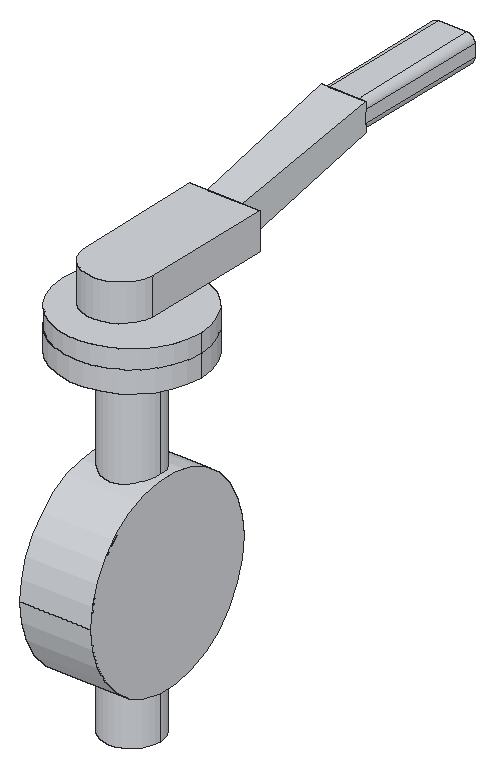
Revit family "HS497-68_disk-nerez_s pákou DN080-RFA_2018", category Pipe Accessories, Revit 2018
Family settings
  Round Connector Dimension = Use Diameter
  Part Type = Valve - Breaks Into
  Work Plane-Based = No
  Always vertical = Yes
  Cut with Voids When Loaded = No
  Shared = No
Parameters (values of type "HS 497-68_DN080_PN16_s pákou")
  magiProductId = "e414795fab0f4eccb99bc3572c5477"
  magiProductFamilyId = "53cea81e6f374d17b8841d9c72ad77"
  magiPartTypeId = 305
  isMeasuringValve [instance] = no
  ang2D [instance] = 0.00°
  X11 = 61.456 mm
  X1 = 25.456 mm
  W2D = 1000 mm
  VersionID = "2.0/2017.9.26.1/ZETKAMA_497_001"
  Use Minimum Symbol Size [instance] = yes
  URL = "http://www.hydronic.cz"
  Type Comments = "mezipřírubová; nerezový disk; PN16; -10~+110°C (krátkodobě +120°C)"
  SW30 = no
  SW3 = no
  SW21 = no
  SW20 = yes
  SW2 = yes
  SW1 = no
  R = 40 mm
  QmdConnectorList = "301;D;302;D"
  Productdata [instance] = ""
  NC = 50 mm
  Manufacturer = "Hydronic Systems Prague s.r.o."
  MM20 = 25.456 mm
  MC Product Code = "121 080 (nerezový disk, s pákou; DN80; PN16, kvs258)"
  M41 = 66 mm
  M4 = 44 mm
  LHL = 260 mm
  LHH3 = 3 mm
  LHH1 = 57 mm
  LH1 = 86.667 mm
  L4R__ve = -L4R  # -12.8 mm
  L4R = 12.8 mm
  L42__ve = -L42  # -96 mm
  L42 = 96 mm
  L41__ve = -L41  # -19.2 mm
  L41 = 19.2 mm
  L2D_Min = 3048 mm
  L2D = 216 mm
  L2 = 23 mm
  L1 = 36.8 mm
  L = 46 mm
  H = 30 mm
  G22 = 11.25 mm
  G2 = 22.5 mm
  G1 = 90 mm
  G = 90 mm
  F = 11 mm
  E44 = 31.25 mm
  E42 = 62.5 mm
  E4 = 125 mm
  E23 = 6 mm
  E22 = 24 mm
  E21 = 12 mm
  Description = "Mezipřírubová uzavírací klapka s pákou; nerezový disk, DN80; PN16; kvs258"
  DR2 = 40 mm
  DR = 124 mm
  DD1 = 15.625 mm
  DD = 12.5 mm
  D = 80 mm
  CAT0 = yes
  B2__ve = -B2  # -54 mm
  B2 = 54 mm
  A2 = 14.1 mm
  A1 = 86.9 mm
Types (43, lengths in mm): name | magiProductId | X11 | X1 | Type Comments | SW30 | SW3 | SW20 | SW2 | SW1 | R | NC | Manufacturer | MM20 | MC Product Code | M41 | M4 | LHL | LHH3 | LHH1 | LH1 | L4R__ve | L4R | L42__ve | L42 | L41__ve | L41 | L2 | L1 | L | H | G | F | E44 | E42 | E4 | E23 | E22 | E21 | Description | DR2 | DR | DD1 | DD | D | B2__ve | B2 | A2 | A1
  HS 497-68_DN100_PN16_volné vřeteno | "65d1b245f4f142c78569c0602d5754" | 61.456 | 25.456 | "mezipřírubová; nerezový disk; PN16; -10~+110°C (krátkodobě +120°C)" | no | no | no | no | yes | 50 | 50 | "Hydronic Systems Prague s.r.o." | 25.456 | "124 100 (nerezový disk, s volným vřetenem; DN100; PN16, kvs512)" | 66 | 44 | 220 | 2.45 | 46.55 | 73.333 | -12.8 | 12.8 | -96 | 96 | -19.2 | 19.2 | 26 | 41.6 | 52 | 30 | 90 | 11 | 31.25 | 62.5 | 125 | 4.9 | 19.6 | 9.8 | "Mezipřírubová uzavírací klapka s volným vřetenem; nerezový disk, DN100; PN16; kvs512" | 50 | 147 | 15.625 | 12.5 | 100 | -56 | 56 | 16.5 | 98.5
  HS 497-68_DN100_PN16_převodové kolo | "11e91b807e674d428c8e796fcdcfe2" | 61.456 | 25.456 | "mezipřírubová; nerezový disk; PN16; -10~+110°C (krátkodobě +120°C)" | yes | yes | no | no | no | 50 | 50 | "Hydronic Systems Prague s.r.o." | 25.456 | "126 100 (nerezový disk, s převodovým kolem; DN100; PN16, kvs512)" | 65.25 | 43.5 | 220 | 2.45 | 46.55 | 73.333 | -12.8 | 12.8 | -96 | 96 | -19.2 | 19.2 | 26 | 41.6 | 52 | 30 | 90 | 11 | 31.25 | 62.5 | 125 | 4.9 | 19.6 | 9.8 | "Mezipřírubová uzavírací klapka s převodovým kolem; nerezový disk, DN100; PN16; kvs512" | 50 | 147 | 15.625 | 12.5 | 100 | -56 | 56 | 16.5 | 98.5
  HS 497-68_DN100_PN16_s pákou | "28172f0b3f4b47b28323ac71cf8749" | 61.456 | 25.456 | "mezipřírubová; nerezový disk; PN16; -10~+110°C (krátkodobě +120°C)" | no | no | yes | yes | no | 50 | 50 | "Hydronic Systems Prague s.r.o." | 25.456 | "121 100 (nerezový disk, s pákou; DN100; PN16, kvs512)" | 66 | 44 | 260 | 3 | 57 | 86.667 | -12.8 | 12.8 | -96 | 96 | -19.2 | 19.2 | 26 | 41.6 | 52 | 30 | 90 | 11 | 31.25 | 62.5 | 125 | 6 | 24 | 12 | "Mezipřírubová uzavírací klapka s pákou; nerezový disk, DN100; PN16; kvs512" | 50 | 147 | 15.625 | 12.5 | 100 | -56 | 56 | 16.5 | 98.5
  HS 497-68_DN125_PN16_volné vřeteno | "0d813d910fc14f628bb3c2efbd185c" | 61.456 | 25.456 | "mezipřírubová; nerezový disk; PN16; -10~+110°C (krátkodobě +120°C)" | no | no | no | no | yes | 62.5 | 50 | "Hydronic Systems Prague s.r.o." | 25.456 | "124 125 (nerezový disk, s volným vřetenem; DN125; PN16, kvs872)" | 66 | 44 | 220 | 2.45 | 46.55 | 73.333 | -12.8 | 12.8 | -96 | 96 | -19.2 | 19.2 | 28 | 44.8 | 56 | 33 | 90 | 14 | 31.25 | 62.5 | 125 | 4.9 | 19.6 | 9.8 | "Mezipřírubová uzavírací klapka s volným vřetenem; nerezový disk, DN125; PN16; kvs872" | 62.5 | 180 | 15.625 | 12.5 | 125 | -64 | 64 | 18 | 99.5
  HS 497-68_DN125_PN16_převodové kolo | "c56b7c13f372467684996fb1e0e229" | 61.456 | 25.456 | "mezipřírubová; nerezový disk; PN16; -10~+110°C (krátkodobě +120°C)" | yes | yes | no | no | no | 62.5 | 50 | "Hydronic Systems Prague s.r.o." | 25.456 | "126125 (nerezový disk, s převodovým kolem; DN125; PN16, kvs872)" | 65.25 | 43.5 | 220 | 2.45 | 46.55 | 73.333 | -13.5 | 13.5 | -101.25 | 101.25 | -20.25 | 20.25 | 28 | 44.8 | 56 | 33 | 90 | 14 | 40 | 80 | 160 | 4.9 | 19.6 | 9.8 | "Mezipřírubová uzavírací klapka s převodovým kolem; nerezový disk, DN125; PN16; kvs872" | 62.5 | 180 | 20 | 16 | 125 | -64 | 64 | 18 | 99.5
  HS 497-68_DN125_PN16_s pákou | "105993c79a91492399feef7931321a" | 61.456 | 25.456 | "mezipřírubová; nerezový disk; PN16; -10~+110°C (krátkodobě +120°C)" | no | no | yes | yes | no | 62.5 | 50 | "Hydronic Systems Prague s.r.o." | 25.456 | "121 125 (nerezový disk, s pákou; DN125; PN16, kvs872)" | 66 | 44 | 315 | 3.75 | 71.25 | 105 | -12.8 | 12.8 | -96 | 96 | -19.2 | 19.2 | 28 | 44.8 | 56 | 33 | 90 | 14 | 31.25 | 62.5 | 125 | 7.5 | 30 | 15 | "Mezipřírubová uzavírací klapka s pákou; nerezový disk, DN125; PN16; kvs872" | 62.5 | 180 | 15.625 | 12.5 | 125 | -64 | 64 | 18 | 99.5
  HS 497-68_DN150_PN16_volné vřeteno | "50c80cb8ab434f55ab7796e5ac1331" | 61.456 | 25.456 | "mezipřírubová; nerezový disk; PN16; -10~+110°C (krátkodobě +120°C)" | no | no | no | no | yes | 75 | 50 | "Hydronic Systems Prague s.r.o." | 25.456 | "124 150 (nerezový disk, s volným vřetenem; DN150; PN16, kvs1347)" | 66 | 44 | 220 | 2.45 | 46.55 | 73.333 | -12.8 | 12.8 | -96 | 96 | -19.2 | 19.2 | 28 | 44.8 | 56 | 33 | 90 | 14 | 31.25 | 62.5 | 125 | 4.9 | 19.6 | 9.8 | "Mezipřírubová uzavírací klapka s volným vřetenem; nerezový disk, DN150; PN16; kvs1347" | 75 | 206 | 15.625 | 12.5 | 150 | -58 | 58 | 19.3 | 98.7
  HS 497-68_DN150_PN16_převodové kolo | "d94a1a0cf83b476eb10011b327f709" | 61.456 | 25.456 | "mezipřírubová; nerezový disk; PN16; -10~+110°C (krátkodobě +120°C)" | yes | yes | no | no | no | 75 | 50 | "Hydronic Systems Prague s.r.o." | 25.456 | "126 150 (nerezový disk, s převodovým kolem; DN150; PN16, kvs1347)" | 65.25 | 43.5 | 220 | 2.45 | 46.55 | 73.333 | -13.5 | 13.5 | -101.25 | 101.25 | -20.25 | 20.25 | 28 | 44.8 | 56 | 33 | 90 | 14 | 40 | 80 | 160 | 4.9 | 19.6 | 9.8 | "Mezipřírubová uzavírací klapka s převodovým kolem; nerezový disk, DN150; PN16; kvs1347" | 75 | 206 | 20 | 16 | 150 | -58 | 58 | 19.3 | 98.7
  HS 497-68_DN150_PN16_s pákou | "4d2835523fe84828bc50ff0a5a0dfb" | 61.456 | 25.456 | "mezipřírubová; nerezový disk; PN16; -10~+110°C (krátkodobě +120°C)" | no | no | yes | yes | no | 75 | 50 | "Hydronic Systems Prague s.r.o." | 25.456 | "121 150 (nerezový disk, s pákou; DN150; PN16, kvs1347)" | 66 | 44 | 315 | 3.75 | 71.25 | 105 | -12.8 | 12.8 | -96 | 96 | -19.2 | 19.2 | 28 | 44.8 | 56 | 33 | 90 | 14 | 31.25 | 62.5 | 125 | 7.5 | 30 | 15 | "Mezipřírubová uzavírací klapka s pákou; nerezový disk, DN150; PN16; kvs1347" | 75 | 206 | 15.625 | 12.5 | 150 | -58 | 58 | 19.3 | 98.7
  HS 497-68_DN200_PN16_volné vřeteno | "5b29029eaeba47139ee1055a4b9201" | 61.456 | 25.456 | "mezipřírubová; nerezový disk; PN16; -10~+110°C (krátkodobě +120°C)" | no | no | no | no | yes | 100 | 50 | "Hydronic Systems Prague s.r.o." | 25.456 | "124 200 (nerezový disk, s volným vřetenem; DN200; PN16, kvs2675)" | 66 | 44 | 220 | 2.45 | 46.55 | 73.333 | -12.8 | 12.8 | -96 | 96 | -19.2 | 19.2 | 30 | 48 | 60 | 33 | 90 | 17 | 31.25 | 62.5 | 125 | 4.9 | 19.6 | 9.8 | "Mezipřírubová uzavírací klapka s volným vřetenem; nerezový disk, DN200; PN16; kvs2675" | 100 | 257 | 15.625 | 12.5 | 200 | -70 | 70 | 22.5 | 102.5
  HS 497-68_DN200_PN16_převodové kolo | "b2793cc1fcc44cf2a35062cd67c04f" | 61.456 | 25.456 | "mezipřírubová; nerezový disk; PN16; -10~+110°C (krátkodobě +120°C)" | yes | yes | no | no | no | 100 | 57 | "Hydronic Systems Prague s.r.o." | 25.456 | "126 200 (nerezový disk, s převodovým kolem; DN200; PN16, kvs2675)" | 78.75 | 52.5 | 220 | 2.45 | 46.55 | 73.333 | -15.2 | 15.2 | -114 | 114 | -22.8 | 22.8 | 30 | 48 | 60 | 33 | 90 | 17 | 50 | 100 | 200 | 4.9 | 19.6 | 9.8 | "Mezipřírubová uzavírací klapka s převodovým kolem; nerezový disk, DN200; PN16; kvs2675" | 100 | 257 | 25 | 20 | 200 | -70 | 70 | 22.5 | 102.5
  HS 497-68_DN200_PN16_s pákou | "f88d96c7af224537a51e72d7d8fffe" | 61.456 | 25.456 | "mezipřírubová; nerezový disk; PN16; -10~+110°C (krátkodobě +120°C)" | no | no | yes | yes | no | 100 | 50 | "Hydronic Systems Prague s.r.o." | 25.456 | "121 200 (nerezový disk, s pákou; DN200; PN16, kvs2675)" | 66 | 44 | 315 | 3.75 | 71.25 | 105 | -12.8 | 12.8 | -96 | 96 | -19.2 | 19.2 | 30 | 48 | 60 | 33 | 90 | 17 | 31.25 | 62.5 | 125 | 7.5 | 30 | 15 | "Mezipřírubová uzavírací klapka s pákou; nerezový disk, DN200; PN16; kvs2675" | 100 | 257 | 15.625 | 12.5 | 200 | -70 | 70 | 22.5 | 102.5
  HS 497-68_DN250_PN16_volné vřeteno | "b662e8305ca2402b9c510e66e6aa55" | 88.77 | 36.77 | "mezipřírubová; nerezový disk; PN16; -10~+110°C (krátkodobě +120°C)" | no | no | no | no | yes | 125 | 50 | "Hydronic Systems Prague s.r.o." | 36.77 | "124 250 (nerezový disk, s volným vřetenem; DN250; PN16, kvs4555)" | 66 | 44 | 220 | 2.45 | 46.55 | 73.333 | -12.8 | 12.8 | -96 | 96 | -19.2 | 19.2 | 34 | 54.4 | 68 | 23 | 130 | 22 | 31.25 | 62.5 | 125 | 4.9 | 19.6 | 9.8 | "Mezipřírubová uzavírací klapka s volným vřetenem; nerezový disk, DN250; PN16; kvs4555" | 125 | 324 | 15.625 | 12.5 | 250 | -85 | 85 | 28.25 | 129.25
  HS 497-68_DN250_PN16_převodové kolo | "5ee9016806664ddfaa2632711f295c" | 88.77 | 36.77 | "mezipřírubová; nerezový disk; PN16; -10~+110°C (krátkodobě +120°C)" | yes | yes | no | no | no | 125 | 70 | "Hydronic Systems Prague s.r.o." | 36.77 | "126 250 (nerezový disk, s převodovým kolem; DN250; PN16, kvs4555)" | 91.5 | 61 | 220 | 2.45 | 46.55 | 73.333 | -22.2 | 22.2 | -166.5 | 166.5 | -33.3 | 33.3 | 34 | 54.4 | 68 | 23 | 130 | 22 | 62.5 | 125 | 250 | 4.9 | 19.6 | 9.8 | "Mezipřírubová uzavírací klapka s převodovým kolem; nerezový disk, DN250; PN16; kvs4555" | 125 | 324 | 31.25 | 25 | 250 | -85 | 85 | 28.25 | 129.25
  HS 497-68_DN300_PN16_volné vřeteno | "e1886f51ff004380a649519258edf2" | 88.77 | 36.77 | "mezipřírubová; nerezový disk; PN16; -10~+110°C (krátkodobě +120°C)" | no | no | no | no | yes | 150 | 50 | "Hydronic Systems Prague s.r.o." | 36.77 | "124 300 (nerezový disk, s volným vřetenem; DN300; PN16, kvs7037)" | 66 | 44 | 220 | 2.45 | 46.55 | 73.333 | -12.8 | 12.8 | -96 | 96 | -19.2 | 19.2 | 39 | 62.4 | 78 | 23 | 130 | 22 | 31.25 | 62.5 | 125 | 4.9 | 19.6 | 9.8 | "Mezipřírubová uzavírací klapka s volným vřetenem; nerezový disk, DN300; PN16; kvs7037" | 150 | 376 | 15.625 | 12.5 | 300 | -90 | 90 | 30.8 | 127.2
  HS 497-68_DN300_PN16_převodové kolo | "6860f094f77d42088fbebc3c97f755" | 88.77 | 36.77 | "mezipřírubová; nerezový disk; PN16; -10~+110°C (krátkodobě +120°C)" | yes | yes | no | no | no | 150 | 70 | "Hydronic Systems Prague s.r.o." | 36.77 | "126 300 (nerezový disk, s převodovým kolem; DN300; PN16, kvs7037)" | 91.5 | 61 | 220 | 2.45 | 46.55 | 73.333 | -22.2 | 22.2 | -166.5 | 166.5 | -33.3 | 33.3 | 39 | 62.4 | 78 | 23 | 130 | 22 | 62.5 | 125 | 250 | 4.9 | 19.6 | 9.8 | "Mezipřírubová uzavírací klapka s převodovým kolem; nerezový disk, DN300; PN16; kvs7037" | 150 | 376 | 31.25 | 25 | 300 | -90 | 90 | 30.8 | 127.2
  HS 497-68_DN032_PN16_volné vřeteno | "8c5f65de52aa4067a77564107e31b2" | 61.456 | 25.456 | "mezipřírubová; nerezový disk; PN16; -10~+110°C (krátkodobě +120°C)" | no | no | no | no | yes | 16 | 50 | "Hydronic Systems Prague s.r.o." | 25.456 | "124 032 (nerezový disk, s volným vřetenem; DN32; PN16, kvs78)" | 66 | 44 | 220 | 2.45 | 46.55 | 73.333 | -12.8 | 12.8 | -96 | 96 | -19.2 | 19.2 | 16.5 | 26.4 | 33 | 30 | 90 | 11 | 31.25 | 62.5 | 125 | 4.9 | 19.6 | 9.8 | "Mezipřírubová uzavírací klapka s volným vřetenem; nerezový disk, DN32; PN16; kvs78" | 16 | 68 | 15.625 | 12.5 | 32 | -44.2 | 44.2 | 10.25 | 76.25
  HS 497-68_DN032_PN16_převodové kolo | "60aaeffa8b3a4e809ef000e4660060" | 61.456 | 25.456 | "mezipřírubová; nerezový disk; PN16; -10~+110°C (krátkodobě +120°C)" | yes | yes | no | no | no | 16 | 50 | "Hydronic Systems Prague s.r.o." | 25.456 | "126 032 (nerezový disk, s převodovým kolem; DN32; PN16, kvs78)" | 65.25 | 43.5 | 220 | 2.45 | 46.55 | 73.333 | -12.8 | 12.8 | -96 | 96 | -19.2 | 19.2 | 16.5 | 26.4 | 33 | 30 | 90 | 11 | 31.25 | 62.5 | 125 | 4.9 | 19.6 | 9.8 | "Mezipřírubová uzavírací klapka s převodovým kolem; nerezový disk, DN32; PN16; kvs78" | 16 | 68 | 15.625 | 12.5 | 32 | -44.2 | 44.2 | 10.25 | 76.25
  HS 497-68_DN032_PN16_s pákou | "9ad8088d610749a1b871aa2aad8007" | 61.456 | 25.456 | "mezipřírubová; nerezový disk; PN16; -10~+110°C (krátkodobě +120°C)" | no | no | yes | yes | no | 16 | 50 | "Hydronic Systems Prague s.r.o." | 25.456 | "121 032 (nerezový disk, s pákou; DN32; PN16, kvs78)" | 66 | 44 | 220 | 2.45 | 46.55 | 73.333 | -12.8 | 12.8 | -96 | 96 | -19.2 | 19.2 | 16.5 | 26.4 | 33 | 30 | 90 | 11 | 31.25 | 62.5 | 125 | 4.9 | 19.6 | 9.8 | "Mezipřírubová uzavírací klapka s pákou; nerezový disk, DN32; PN16; kvs78" | 16 | 68 | 15.625 | 12.5 | 32 | -44.2 | 44.2 | 10.25 | 76.25
  HS 497-68_DN350_PN10_volné vřeteno | "72a1e05f22944421b7e9596a877137" | 109.255 | 45.255 | "mezipřírubová; nerezový disk; PN10; -10~+110°C (krátkodobě +120°C)" | no | no | no | no | yes | 175 | 50 | "Hydronic Systems Prague s.r.o." | 45.255 | "124 350 (nerezový disk, s volným vřetenem; DN350; PN10, kvs10165)" | 66 | 44 | 220 | 2.45 | 46.55 | 73.333 | -12.8 | 12.8 | -96 | 96 | -19.2 | 19.2 | 39 | 62.4 | 78 | 31 | 160 | 22 | 31.25 | 62.5 | 125 | 4.9 | 19.6 | 9.8 | "Mezipřírubová uzavírací klapka s volným vřetenem; nerezový disk, DN350; PN10; kvs10165" | 175 | 430 | 15.625 | 12.5 | 350 | -88 | 88 | 33.85 | 129.65
  HS 497-68_DN350_PN10_převodové kolo | "a5a01426cb28494ba3afca92f1dace" | 109.255 | 45.255 | "mezipřírubová; nerezový disk; PN10; -10~+110°C (krátkodobě +120°C)" | yes | yes | no | no | no | 175 | 70 | "Hydronic Systems Prague s.r.o." | 45.255 | "126 350 (nerezový disk, s převodovým kolem; DN350; PN10, kvs10165)" | 91.5 | 61 | 220 | 2.45 | 46.55 | 73.333 | -22.2 | 22.2 | -166.5 | 166.5 | -33.3 | 33.3 | 39 | 62.4 | 78 | 31 | 160 | 22 | 62.5 | 125 | 250 | 4.9 | 19.6 | 9.8 | "Mezipřírubová uzavírací klapka s převodovým kolem; nerezový disk, DN350; PN10; kvs10165" | 175 | 430 | 31.25 | 25 | 350 | -88 | 88 | 33.85 | 129.65
  HS 497-68_DN400_PN10_volné vřeteno | "c70ebeb927c04ab99b176e257ad0a7" | 109.255 | 45.255 | "mezipřírubová; nerezový disk; PN10; -10~+110°C (krátkodobě +120°C)" | no | no | no | no | yes | 200 | 50 | "Hydronic Systems Prague s.r.o." | 45.255 | "124 400 (nerezový disk, s volným vřetenem; DN400; PN10, kvs13799)" | 66 | 44 | 220 | 2.45 | 46.55 | 73.333 | -12.8 | 12.8 | -96 | 96 | -19.2 | 19.2 | 51 | 81.6 | 102 | 31 | 160 | 27 | 31.25 | 62.5 | 125 | 4.9 | 19.6 | 9.8 | "Mezipřírubová uzavírací klapka s volným vřetenem; nerezový disk, DN400; PN10; kvs13799" | 200 | 485 | 15.625 | 12.5 | 400 | -108 | 108 | 38 | 142
  HS 497-68_DN400_PN10_převodové kolo | "cc64a4384dcb41b780d81810f4f293" | 109.255 | 45.255 | "mezipřírubová; nerezový disk; PN10; -10~+110°C (krátkodobě +120°C)" | yes | yes | no | no | no | 200 | 72.5 | "Hydronic Systems Prague s.r.o." | 45.255 | "126 400 (nerezový disk, s převodovým kolem; DN400; PN10, kvs13799)" | 103.5 | 69 | 220 | 2.45 | 46.55 | 73.333 | -27.8 | 27.8 | -208.5 | 208.5 | -41.7 | 41.7 | 51 | 81.6 | 102 | 31 | 160 | 27 | 75 | 150 | 300 | 4.9 | 19.6 | 9.8 | "Mezipřírubová uzavírací klapka s převodovým kolem; nerezový disk, DN400; PN10; kvs13799" | 200 | 485 | 37.5 | 30 | 400 | -108 | 108 | 38 | 142
  HS 497-68_DN040_PN16_volné vřeteno | "35f92312390745e88df5b5c325d9ee" | 61.456 | 25.456 | "mezipřírubová; nerezový disk; PN16; -10~+110°C (krátkodobě +120°C)" | no | no | no | no | yes | 20 | 50 | "Hydronic Systems Prague s.r.o." | 25.456 | "124 040 (nerezový disk, s volným vřetenem; DN40; PN16, kvs78)" | 66 | 44 | 220 | 2.45 | 46.55 | 73.333 | -12.8 | 12.8 | -96 | 96 | -19.2 | 19.2 | 16.5 | 26.4 | 33 | 30 | 90 | 11 | 31.25 | 62.5 | 125 | 4.9 | 19.6 | 9.8 | "Mezipřírubová uzavírací klapka s volným vřetenem; nerezový disk, DN40; PN16; kvs78" | 20 | 76 | 15.625 | 12.5 | 40 | -36 | 36 | 11 | 79
  HS 497-68_DN040_PN16_převodové kolo | "d88e968eae3445bc9b7b4e6ff35127" | 61.456 | 25.456 | "mezipřírubová; nerezový disk; PN16; -10~+110°C (krátkodobě +120°C)" | yes | yes | no | no | no | 20 | 50 | "Hydronic Systems Prague s.r.o." | 25.456 | "126 040 (nerezový disk, s převodovým kolem; DN40; PN16, kvs78)" | 65.25 | 43.5 | 220 | 2.45 | 46.55 | 73.333 | -12.8 | 12.8 | -96 | 96 | -19.2 | 19.2 | 16.5 | 26.4 | 33 | 30 | 90 | 11 | 31.25 | 62.5 | 125 | 4.9 | 19.6 | 9.8 | "Mezipřírubová uzavírací klapka s převodovým kolem; nerezový disk, DN40; PN16; kvs78" | 20 | 76 | 15.625 | 12.5 | 40 | -36 | 36 | 11 | 79
  HS 497-68_DN040_PN16_s pákou | "c1b522ca65b4407a98818f232eaacb" | 61.456 | 25.456 | "mezipřírubová; nerezový disk; PN16; -10~+110°C (krátkodobě +120°C)" | no | no | yes | yes | no | 20 | 50 | "Hydronic Systems Prague s.r.o." | 25.456 | "121 040 (nerezový disk, s pákou; DN40; PN16, kvs78)" | 66 | 44 | 220 | 2.45 | 46.55 | 73.333 | -12.8 | 12.8 | -96 | 96 | -19.2 | 19.2 | 16.5 | 26.4 | 33 | 30 | 90 | 11 | 31.25 | 62.5 | 125 | 4.9 | 19.6 | 9.8 | "Mezipřírubová uzavírací klapka s pákou; nerezový disk, DN40; PN16; kvs78" | 20 | 76 | 15.625 | 12.5 | 40 | -36 | 36 | 11 | 79
  HS 497-68_DN450_PN10_volné vřeteno | "a8358bc282f14872b3194e530e590a" | 129.74 | 53.74 | "mezipřírubová; nerezový disk; PN10; -10~+110°C (krátkodobě +120°C)" | no | no | no | no | yes | 225 | 50 | "Hydronic Systems Prague s.r.o." | 53.74 | "124 450 (nerezový disk, s volným vřetenem; DN450; PN10, kvs18514)" | 66 | 44 | 220 | 2.45 | 46.55 | 73.333 | -12.8 | 12.8 | -96 | 96 | -19.2 | 19.2 | 57 | 91.2 | 114 | 38 | 190 | 36 | 31.25 | 62.5 | 125 | 4.9 | 19.6 | 9.8 | "Mezipřírubová uzavírací klapka s volným vřetenem; nerezový, DN450; PN10; kvs18514" | 225 | 536 | 15.625 | 12.5 | 450 | -115 | 115 | 38.05 | 117.45
  HS 497-68_DN450_PN10_převodové kolo | "cdf2d80f54a9414f9cbe50647c0ebd" | 129.74 | 53.74 | "mezipřírubová; nerezový disk; PN10; -10~+110°C (krátkodobě +120°C)" | yes | yes | no | no | no | 225 | 91.5 | "Zetkama" | 53.74 | "126 450 (nerezový disk, s převodovým kolem; DN450; PN10, kvs18514)" | 144.75 | 96.5 | 220 | 2.45 | 46.55 | 73.333 | -32.1 | 32.1 | -240.75 | 240.75 | -48.15 | 48.15 | 57 | 91.2 | 114 | 38 | 190 | 36 | 100 | 200 | 400 | 4.9 | 19.6 | 9.8 | "Mezipřírubová uzavírací klapka s převodovým kolem; nerezový disk, DN450; PN10; kvs18514" | 225 | 536 | 50 | 40 | 450 | -115 | 115 | 38.05 | 117.45
  HS 497-68_DN500_PN10_volné vřeteno | "8c396e27bb2743f98f3c762b6517cd" | 143.397 | 59.397 | "mezipřírubová; nerezový disk; PN10; -10~+110°C (krátkodobě +120°C)" | no | no | no | no | yes | 250 | 50 | "Hydronic Systems Prague s.r.o." | 59.397 | "124 500 (nerezový disk, s volným vřetenem; DN500; PN10, kvs23805)" | 66 | 44 | 220 | 2.45 | 46.55 | 73.333 | -12.8 | 12.8 | -96 | 96 | -19.2 | 19.2 | 63.5 | 101.6 | 127 | 38 | 210 | 36 | 31.25 | 62.5 | 125 | 4.9 | 19.6 | 9.8 | "Mezipřírubová uzavírací klapka s volným vřetenem; nerezový disk, DN500; PN10; kvs23805" | 250 | 593 | 15.625 | 12.5 | 500 | -130 | 130 | 43.25 | 139.25
  HS 497-68_DN500_PN10_převodové kolo | "7647804f32e94cef828a7034a91a46" | 143.397 | 59.397 | "mezipřírubová; nerezový disk; PN10; -10~+110°C (krátkodobě +120°C)" | yes | yes | no | no | no | 250 | 91.5 | "Zetkama" | 59.397 | "126 500 (nerezový disk, s převodovým kolem; DN500; PN10, kvs23805)" | 144.75 | 96.5 | 220 | 2.45 | 46.55 | 73.333 | -32.1 | 32.1 | -240.75 | 240.75 | -48.15 | 48.15 | 63.5 | 101.6 | 127 | 38 | 210 | 36 | 100 | 200 | 400 | 4.9 | 19.6 | 9.8 | "Mezipřírubová uzavírací klapka s převodovým kolem; nerezový disk, DN500; PN10; kvs23805" | 250 | 593 | 50 | 40 | 500 | -130 | 130 | 43.25 | 139.25
  HS 497-68_DN050_volné vřeteno | "d71f296ecd6d4adf8f6e5d9853b4e0" | 61.456 | 25.456 | "mezipřírubová; nerezový disk; PN16; -10~+110°C (krátkodobě +120°C)" | no | no | no | no | yes | 25 | 50 | "Hydronic Systems Prague s.r.o." | 25.456 | "124 050 (nerezový disk, s volným vřetenem; DN50; PN16, kvs98)" | 66 | 44 | 220 | 2.45 | 46.55 | 73.333 | -12.8 | 12.8 | -96 | 96 | -19.2 | 19.2 | 21.5 | 34.4 | 43 | 30 | 90 | 11 | 31.25 | 62.5 | 125 | 4.9 | 19.6 | 9.8 | "Mezipřírubová uzavírací klapka s volným vřetenem; nerezový disk, DN50; PN16; kvs98" | 25 | 100 | 15.625 | 12.5 | 50 | -36.5 | 36.5 | 12 | 83
  HS 497-68_DN050_PN16_převodové kolo | "2fb080deeaed49c58418b94c1da5a4" | 61.456 | 25.456 | "mezipřírubová; nerezový disk; PN16; -10~+110°C (krátkodobě +120°C)" | yes | yes | no | no | no | 25 | 50 | "Hydronic Systems Prague s.r.o." | 25.456 | "126 050 (nerezový disk, s převodovým kolem; DN50; PN16, kvs98)" | 65.25 | 43.5 | 220 | 2.45 | 46.55 | 73.333 | -12.8 | 12.8 | -96 | 96 | -19.2 | 19.2 | 21.5 | 34.4 | 43 | 30 | 90 | 11 | 31.25 | 62.5 | 125 | 4.9 | 19.6 | 9.8 | "Mezipřírubová uzavírací klapka s převodovým kolem; nerezový disk, DN50; PN16; kvs98" | 25 | 100 | 15.625 | 12.5 | 50 | -36.5 | 36.5 | 12 | 83
  HS 497-68_DN050_PN16_s pákou | "dabc632061f94877a994b9b4e68112" | 61.456 | 25.456 | "mezipřírubová; nerezový disk; PN16; -10~+110°C (krátkodobě +120°C)" | no | no | yes | yes | no | 25 | 50 | "Hydronic Systems Prague s.r.o." | 25.456 | "121 050 (nerezový disk, s pákou; DN50; PN16, kvs98)" | 66 | 44 | 220 | 2.45 | 46.55 | 73.333 | -12.8 | 12.8 | -96 | 96 | -19.2 | 19.2 | 21.5 | 34.4 | 43 | 30 | 90 | 11 | 31.25 | 62.5 | 125 | 4.9 | 19.6 | 9.8 | "Mezipřírubová uzavírací klapka s pákou; nerezový disk, DN50; PN16; kvs98" | 25 | 100 | 15.625 | 12.5 | 50 | -36.5 | 36.5 | 12 | 83
  HS 497-68_DN600_PN10_volné vřeteno | "99d5892c14664fce81a7c5903f7711" | 143.397 | 59.397 | "mezipřírubová; nerezový disk; PN10; -10~+110°C (krátkodobě +120°C)" | no | no | no | no | yes | 300 | 50 | "Hydronic Systems Prague s.r.o." | 59.397 | "124 600 (nerezový disk, s volným vřetenem; DN600; PN10, kvs36778)" | 66 | 44 | 220 | 2.45 | 46.55 | 73.333 | -12.8 | 12.8 | -96 | 96 | -19.2 | 19.2 | 77 | 123.2 | 154 | 80 | 210 | 60 | 31.25 | 62.5 | 125 | 4.9 | 19.6 | 9.8 | "Mezipřírubová uzavírací klapka s volným vřetenem; nerezový disk, DN600; PN10; kvs36788" | 300 | 690 | 15.625 | 12.5 | 600 | -140 | 140 | 49.4 | 144.6
  HS 497-68_DN600_PN10_převodové kolo | "b1e26faab48a4c499f6bb11e7e3002" | 143.397 | 59.397 | "mezipřírubová; lnerezový disk; PN10; -10~+110°C (krátkodobě +120°C)" | yes | yes | no | no | no | 300 | 140 | "Hydronic Systems Prague s.r.o." | 59.397 | "126 600 (nerezový disk, s převodovým kolem; DN600; PN10, kvs36778)" | 206.25 | 137.5 | 220 | 2.45 | 46.55 | 73.333 | -40.8 | 40.8 | -306 | 306 | -61.2 | 61.2 | 77 | 123.2 | 154 | 80 | 210 | 60 | 125 | 250 | 500 | 4.9 | 19.6 | 9.8 | "Mezipřírubová uzavírací klapka s převodovým kolem; nerezový disk, DN600; PN10; kvs36788" | 300 | 690 | 62.5 | 50 | 600 | -140 | 140 | 49.4 | 144.6
  HS 497-68_DN065_PN16_volné vřeteno | "5e5e208646e34ec29f889baab5d08e" | 61.456 | 25.456 | "mezipřírubová; lnerezový disk; PN16; -10~+110°C (krátkodobě +120°C)" | no | no | no | no | yes | 32.5 | 50 | "Hydronic Systems Prague s.r.o." | 25.456 | "124 065 (nerezový disk, s volným vřetenem; DN65; PN16, kvs167)" | 66 | 44 | 220 | 2.45 | 46.55 | 73.333 | -12.8 | 12.8 | -96 | 96 | -19.2 | 19.2 | 23 | 36.8 | 46 | 30 | 90 | 11 | 31.25 | 62.5 | 125 | 4.9 | 19.6 | 9.8 | "Mezipřírubová uzavírací klapka s volným vřetenem; nerezový disk, DN65; PN16; kv167" | 32.5 | 108 | 15.625 | 12.5 | 65 | -36.5 | 36.5 | 13.5 | 89
  HS 497-68_DN065_PN16_převodové kolo | "654d74c8d15540b0bfe523d988ccb3" | 61.456 | 25.456 | "mezipřírubová; nerezový disk; PN16; -10~+110°C (krátkodobě +120°C)" | yes | yes | no | no | no | 32.5 | 50 | "Hydronic Systems Prague s.r.o." | 25.456 | "126 065 (nerezový disk, s převodovým kolem; DN65; PN16, kvs167)" | 65.25 | 43.5 | 220 | 2.45 | 46.55 | 73.333 | -12.8 | 12.8 | -96 | 96 | -19.2 | 19.2 | 23 | 36.8 | 46 | 30 | 90 | 11 | 31.25 | 62.5 | 125 | 4.9 | 19.6 | 9.8 | "Mezipřírubová uzavírací klapka s převodovým kolem; nerezový disk, DN65; PN16; kvs167" | 32.5 | 108 | 15.625 | 12.5 | 65 | -36.5 | 36.5 | 13.5 | 89
  HS 497-68_DN065_PN16_s pákou | "ebeb4b59db0641caaf6d6635ab37b9" | 61.456 | 25.456 | "mezipřírubová; nerezový disk; PN16; -10~+110°C (krátkodobě +120°C)" | no | no | yes | yes | no | 32.5 | 50 | "Hydronic Systems Prague s.r.o." | 25.456 | "121 065 (nerezový disk, s pákou; DN65; PN16, kvs167)" | 66 | 44 | 220 | 2.45 | 46.55 | 73.333 | -12.8 | 12.8 | -96 | 96 | -19.2 | 19.2 | 23 | 36.8 | 46 | 30 | 90 | 11 | 31.25 | 62.5 | 125 | 4.9 | 19.6 | 9.8 | "Mezipřírubová uzavírací klapka s pákou; nerezový disk, DN65; PN16; kvs167" | 32.5 | 108 | 15.625 | 12.5 | 65 | -36.5 | 36.5 | 13.5 | 89
  HS 497-68_DN080_PN16_volné vřeteno | "9e85c75c18654e1185a9c48ed6b00e" | 61.456 | 25.456 | "mezipřírubová; nerezový disk; PN16; -10~+110°C (krátkodobě +120°C)" | no | no | no | no | yes | 40 | 50 | "Hydronic Systems Prague s.r.o." | 25.456 | "124 080 (nerezový disk, s volným vřetenem; DN80; PN16, kvs258)" | 66 | 44 | 220 | 2.45 | 46.55 | 73.333 | -12.8 | 12.8 | -96 | 96 | -19.2 | 19.2 | 23 | 36.8 | 46 | 30 | 90 | 11 | 31.25 | 62.5 | 125 | 4.9 | 19.6 | 9.8 | "Mezipřírubová uzavírací klapka s volným vřetenem; nerezový disk, DN80; PN16; kvs258" | 40 | 124 | 15.625 | 12.5 | 80 | -54 | 54 | 14.1 | 86.9
  HS 497-68_DN080_PN16_převodové kolo | "5b3c8238c3d041e68c75b199e7ea46" | 61.456 | 25.456 | "mezipřírubová; nerezový disk; PN16; -10~+110°C (krátkodobě +120°C)" | yes | yes | no | no | no | 40 | 50 | "Hydronic Systems Prague s.r.o." | 25.456 | "126 080 (nerezový disk, s převodovým kolem; DN80; PN16, kvs258)" | 65.25 | 43.5 | 220 | 2.45 | 46.55 | 73.333 | -12.8 | 12.8 | -96 | 96 | -19.2 | 19.2 | 23 | 36.8 | 46 | 30 | 90 | 11 | 31.25 | 62.5 | 125 | 4.9 | 19.6 | 9.8 | "Mezipřírubová uzavírací klapka s převodovým kolem; nerezový disk, DN80; PN16; kvs258" | 40 | 124 | 15.625 | 12.5 | 80 | -54 | 54 | 14.1 | 86.9
  HS 497-68_DN080_PN16_s pákou | "e414795fab0f4eccb99bc3572c5477" | 61.456 | 25.456 | "mezipřírubová; nerezový disk; PN16; -10~+110°C (krátkodobě +120°C)" | no | no | yes | yes | no | 40 | 50 | "Hydronic Systems Prague s.r.o." | 25.456 | "121 080 (nerezový disk, s pákou; DN80; PN16, kvs258)" | 66 | 44 | 260 | 3 | 57 | 86.667 | -12.8 | 12.8 | -96 | 96 | -19.2 | 19.2 | 23 | 36.8 | 46 | 30 | 90 | 11 | 31.25 | 62.5 | 125 | 6 | 24 | 12 | "Mezipřírubová uzavírací klapka s pákou; nerezový disk, DN80; PN16; kvs258" | 40 | 124 | 15.625 | 12.5 | 80 | -54 | 54 | 14.1 | 86.9
  HS 497-68_DN250_PN16_s pákou | "" | 88.77 | 36.77 | "mezipřírubová; nerezový disk; PN16; -10~+110°C (krátkodobě +120°C)" | no | no | yes | yes | no | 125 | 70 | "Hydronic Systems Prague s.r.o." | 36.77 | "121 250 (nerezový disk, s ákou; DN250; PN16, kvs4555)" | 91.5 | 61 | 220 | 2.45 | 46.55 | 73.333 | -22.2 | 22.2 | -166.5 | 166.5 | -33.3 | 33.3 | 34 | 54.4 | 68 | 23 | 130 | 22 | 62.5 | 125 | 250 | 4.9 | 19.6 | 9.8 | "Mezipřírubová uzavírací klapka s pákou; nerezový disk, DN250; PN16; kvs4555" | 125 | 324 | 31.25 | 25 | 250 | -85 | 85 | 28.25 | 129.25
  HS 497-68_DN300_PN16_s pákou | "" | 88.77 | 36.77 | "mezipřírubová; nerezový disk; PN16; -10~+110°C (krátkodobě +120°C)" | no | no | yes | yes | no | 150 | 70 | "Hydronic Systems Prague s.r.o." | 36.77 | "121 300 (nerezový disk, s pákou; DN300; PN16, kvs7037)" | 91.5 | 61 | 220 | 2.45 | 46.55 | 73.333 | -22.2 | 22.2 | -166.5 | 166.5 | -33.3 | 33.3 | 39 | 62.4 | 78 | 23 | 130 | 22 | 62.5 | 125 | 250 | 4.9 | 19.6 | 9.8 | "Mezipřírubová uzavírací klapka s pákou; nerezový disk, DN300; PN16; kvs7037" | 150 | 376 | 31.25 | 25 | 300 | -90 | 90 | 30.8 | 127.2
Reference planes
  plane 1 "Center (Front/Back)": y = 0
  plane 2 "XYPLANE": z = 0
  plane 3 "Center (Left/Right)": x = 0
  plane 4 "473": x = -25.456
  plane 5 "472": x = -66
  plane 6 "471": y = -25.456
  plane 7 "470": y = 25.456
  plane 8 "469": x = -44
  plane 9 "468": y = -115.2
  plane 10 "467": y = -96
  plane 11 "466": z = 172.25
  plane 12 "465": z = 198
  plane 13 "464": y = 172.083
  plane 14 "463": z = 186
  plane 15 "462": z = 165
  plane 16 "461": z = 177
  plane 17 "460": y = 85.417
  plane 18 "459": x = -11.25
  plane 19 "458": x = 11.25
  plane 20 "457": y = -6.25
  plane 21 "456": x = -17.5
  plane 22 "455": x = 17.5
  plane 23 "454": z = 183
  plane 24 "453": y = 75.417
  plane 25 "452": y = -11.25
  plane 26 "451": x = -22.5
  plane 27 "450": x = 22.5
  plane 28 "449": z = 159
  plane 29 "448": z = 153
  plane 30 "447": z = -40
  plane 31 "446": z = 141
  plane 32 "445": z = 126.9
  plane 33 "444": z = 40
  plane 34 "443": x = 23
  plane 35 "442": x = -23
  plane 36 "441": z = 0
  plane 37 "440": y = 0
  plane 38 "439": x = 0
  plane 39 "438": z = 201
  plane 40 "437": z = 183
  plane 41 "436": x = 14.25
  plane 42 "435": x = -14.25
  plane 43 "434": y = 260
Forms (mm)
  Extrusion 1, solid, visible <- "SW3"
    sketch origin (-750, 0, 141) x (1, 0, 0) y (0, 1, 0)
      loop
        line (684, 25.456) -> (684, -25.456) -> (724.544, -25.456)
        arc (724.544, -25.456) -> (786, 0) -> (724.544, 25.456) r 36
        line (724.544, 25.456) -> (684, 25.456)
    from 0 to 62.5 <- "E42"
  Extrusion 2, solid, visible <- "SW30"
    sketch origin (0, -750, 0) x (0, 1, 0) y (0, 0, 1)
      loop
        circle (750, 172.25) r 7.813
    from 0 to 50 <- "NC"
  Extrusion 3, solid, visible <- "SW30"
    sketch origin (750, -115.2, 0) x (-1, 0, 0) y (0, 0, 1)
      loop
        circle (794, 172.25) r 62.5
    from 0 to -12.8 <- "L4R__ve"
  Extrusion 4, solid, visible <- "SW3"
    sketch origin (750, -96, 0) x (-1, 0, 0) y (0, 0, 1)
      loop
        circle (794, 172.25) r 7.813
    from 0 to -19.2 <- "L41__ve"
  Extrusion 5, solid, visible <- "SW30"
    sketch origin (750, 0, 0) x (-1, 0, 0) y (0, 0, 1)
      loop
        circle (794, 172.25) r 6.25
    from 0 to -96 <- "L42__ve"
  Blend 6, solid, visible <- "SW21"
    base sketch origin (750, 85.417, 0) x (-1, 0, 0) y (0, 0, 1)
      loop
        line (761.25, 177) -> (738.75, 177) -> (738.75, 165) -> (761.25, 165) -> (761.25, 177)
    top sketch origin (750, 85.417, 0) x (-1, 0, 0) y (0, 0, 1)
      loop
        line (761.25, 198) -> (738.75, 198) -> (738.75, 186) -> (761.25, 186) -> (761.25, 198)
    from 0 to 86.667
  Blend 7, solid, visible <- "SW21"
    base sketch origin (750, 75.417, 0) x (-1, 0, 0) y (0, 0, 1)
      loop
        line (761.25, 183) -> (738.75, 183) -> (738.75, 159) -> (761.25, 159) -> (761.25, 183)
    top sketch origin (750, 75.417, 0) x (-1, 0, 0) y (0, 0, 1)
      loop
        line (761.25, 177) -> (738.75, 177) -> (738.75, 165) -> (761.25, 165) -> (761.25, 177)
    from 0 to 10
  Blend 8, solid, visible <- "SW21"
    base sketch origin (-750, 0, 159) x (1, 0, 0) y (0, 1, 0)
      loop
        line (772.5, 75.417) -> (727.5, 75.417) -> (727.5, -11.25)
        arc (727.5, -11.25) -> (750, -31.25) -> (772.5, -11.25) r 22.656
        line (772.5, -11.25) -> (772.5, 75.417)
    top sketch origin (-750, 0, 159) x (1, 0, 0) y (0, 1, 0)
      loop
        line (767.5, 75.417) -> (732.5, 75.417) -> (732.5, -6.25)
        arc (732.5, -6.25) -> (750, -26.25) -> (767.5, -6.25) r 17.656
        line (767.5, -6.25) -> (767.5, 75.417)
    from 0 to 24
  Extrusion 9, solid, visible <- "SW2"
    sketch origin (-750, 0, 153) x (1, 0, 0) y (0, 1, 0)
      loop
        circle (750, 0) r 11.25
    from 0 to 6 <- "E23"
  Extrusion 10, solid, visible <- "SW2"
    sketch origin (-750, 0, 141) x (1, 0, 0) y (0, 1, 0)
      loop
        circle (750, 0) r 45
    from 0 to 12 <- "E21"
  Extrusion 11, solid, visible <- "CAT0"
    sketch origin (-750, 0, -40) x (1, 0, 0) y (0, 1, 0)
      loop
        circle (750, 0) r 18.4
    from 0 to -54 <- "B2__ve"
  Extrusion 12, solid, visible <- "CAT0"
    sketch origin (-750, 0, 126.9) x (1, 0, 0) y (0, 1, 0)
      loop
        circle (750, 0) r 45
    from 0 to 14.1 <- "A2"
  Extrusion 13, solid, visible <- "CAT0"
    sketch origin (-750, 0, 40) x (1, 0, 0) y (0, 1, 0)
      loop
        circle (750, 0) r 18.4
    from 0 to 86.9 <- "A1"
  Extrusion 14, solid, visible <- "CAT0"
    sketch origin (-23, -750, 0) x (0, 1, 0) y (0, 0, 1)
      loop
        circle (750, 0) r 62
    from 0 to 46 <- "L"
  Extrusion 15, solid, visible <- "SW1"
    sketch origin (-750, 0, 141) x (1, 0, 0) y (0, 1, 0)
      loop
        line (755.5, 5.5) -> (744.5, 5.5) -> (744.5, -5.5) -> (755.5, -5.5) -> (755.5, 5.5)
    from 0 to 30 <- "H"
  Blend 16, solid, visible <- "SW2"
    base sketch origin (750, 172.083, 0) x (-1, 0, 0) y (0, 0, 1)
      loop
        arc (764.25, 196) -> (762.786, 199.536) -> (759.25, 201) r 5
        line (759.25, 201) -> (740.75, 201)
        arc (740.75, 201) -> (737.214, 199.536) -> (735.75, 196) r 5
        line (735.75, 196) -> (735.75, 188)
        arc (735.75, 188) -> (737.214, 184.464) -> (740.75, 183) r 5
        line (740.75, 183) -> (759.25, 183)
        arc (759.25, 183) -> (762.786, 184.464) -> (764.25, 188) r 5
        line (764.25, 188) -> (764.25, 196)
    top sketch origin (750, 172.083, 0) x (-1, 0, 0) y (0, 0, 1)
      loop
        arc (764.25, 196) -> (762.786, 199.536) -> (759.25, 201) r 5
        line (759.25, 201) -> (740.75, 201)
        arc (740.75, 201) -> (737.214, 199.536) -> (735.75, 196) r 5
        line (735.75, 196) -> (735.75, 188)
        arc (735.75, 188) -> (737.214, 184.464) -> (740.75, 183) r 5
        line (740.75, 183) -> (759.25, 183)
        arc (759.25, 183) -> (762.786, 184.464) -> (764.25, 188) r 5
        line (764.25, 188) -> (764.25, 196)
    from 0 to 87.917
  Blend 17, solid, visible <- "SW20"
    base sketch origin (750, 172.083, 0) x (-1, 0, 0) y (0, 0, 1)
      loop
        line (764.25, 201) -> (735.75, 201) -> (735.75, 183) -> (764.25, 183) -> (764.25, 201)
    top sketch origin (750, 172.083, 0) x (-1, 0, 0) y (0, 0, 1)
      loop
        line (761.25, 183) -> (738.75, 183) -> (738.75, 159) -> (761.25, 159) -> (761.25, 183)
    from 0 to -96.667
  Extrusion 18, solid, visible <- "SW20"
    sketch origin (-750, 0, 159) x (1, 0, 0) y (0, 1, 0)
      loop
        line (772.5, 75.417) -> (727.5, 75.417) -> (727.5, -11.25)
        arc (727.5, -11.25) -> (750, -31.25) -> (772.5, -11.25) r 22.656
        line (772.5, -11.25) -> (772.5, 75.417)
    from 0 to 24 <- "E22"
  Extrusion 19, solid, not visible
    sketch origin (-23, -750, 0) x (0, 1, 0) y (0, 0, 1)
      loop
        circle (750, 0) r 10
    from 0 to 10
  Extrusion 20, solid, not visible
    sketch origin (23, -750, 0) x (0, 1, 0) y (0, 0, 1)
      loop
        circle (750, 0) r 10
    from 0 to -10
Lines and regions (mm)
  reference lines, not visible
    curve 1: circle (2, 2, 0) r 1 normal (0, 0, 1)
  reference lines
    curve 2: line (-25.456, -25.456, 141) -> (-25.456, 25.456, 141)
    curve 3: line (-17.5, -6.25, 159) -> (17.5, -6.25, 159)
    curve 4: line (-22.5, -11.25, 159) -> (22.5, -11.25, 159)
    curve 5: circle (0, 0, 141) r 1 normal (0, 0, 1)
    curve 6: line (-22.5, -11.25, 159) -> (22.5, -11.25, 159)
Dimensions and locks
  plane 1 "Center (Front/Back)" to curve 1 = 2 mm
  "X1": plane 3 "Center (Left/Right)" to plane 4 "473"
  "M41": plane 3 "Center (Left/Right)" to plane 5 "472"
  "MM20": plane 1 "Center (Front/Back)" to plane 6 "471"
  "MM20": plane 1 "Center (Front/Back)" to plane 7 "470"
  "M4": plane 3 "Center (Left/Right)" to plane 8 "469"
  "L41": plane 10 "467" to plane 9 "468"
  "L42": plane 1 "Center (Front/Back)" to plane 10 "467"
  "E44": plane 31 "446" to plane 11 "466"
  "LHH1": plane 31 "446" to plane 12 "465"
  "LH1": plane 17 "460" to plane 13 "464"
  "E21": plane 12 "465" to plane 14 "463"
  "E21": plane 16 "461" to plane 15 "462"
  "E23": plane 23 "454" to plane 16 "461"
  locked: plane 24 "453" to plane 17 "460" at 10
  "G22": plane 3 "Center (Left/Right)" to plane 18 "459"
  "G22": plane 3 "Center (Left/Right)" to plane 19 "458"
  locked: plane 25 "452" to plane 20 "457" at 5
  locked: plane 26 "451" to plane 21 "456" at 5
  locked: plane 27 "450" to plane 22 "455" at 5
  "E22": plane 28 "449" to plane 23 "454"
  "LH1": plane 25 "452" to plane 24 "453"
  "G22": plane 1 "Center (Front/Back)" to plane 25 "452"
  "G2": plane 3 "Center (Left/Right)" to plane 26 "451"
  "G2": plane 3 "Center (Left/Right)" to plane 27 "450"
  "E23": plane 29 "448" to plane 28 "449"
  "E21": plane 31 "446" to plane 29 "448"
  "R": plane 2 "XYPLANE" to plane 30 "447"
  "A2": plane 32 "445" to plane 31 "446"
  "A1": plane 33 "444" to plane 32 "445"
  "DR2": plane 2 "XYPLANE" to plane 33 "444"
  "L2": plane 3 "Center (Left/Right)" to plane 34 "443"
  "L2": plane 3 "Center (Left/Right)" to plane 35 "442"
  locked: plane 2 "XYPLANE" to plane 36 "441"
  locked: plane 1 "Center (Front/Back)" to plane 37 "440"
  locked: plane 3 "Center (Left/Right)" to plane 38 "439"
  "LHH3": plane 12 "465" to plane 39 "438"
  "LHH3": plane 14 "463" to plane 40 "437"
  "LHH3": plane 19 "458" to plane 41 "436"
  "LHH3": plane 18 "459" to plane 42 "435"
  "LHL": plane 1 "Center (Front/Back)" to plane 43 "434"
  "X11": curve 2 to Extrusion 1 sketch curve
  Extrusion 1 sketch curve to Extrusion 1 sketch curve = 0 mm  (x8)
  Blend 6 sketch curve to Blend 6 sketch curve = 0 mm  (x16)
  Blend 7 sketch curve to Blend 7 sketch curve = 0 mm  (x16)
  Blend 8 sketch curve to Blend 8 sketch curve = 0 mm  (x16)
  equal spacing: Extrusion 15 sketch curve, curve 5, Extrusion 15 sketch curve  (x2)
  "F": Extrusion 15 sketch curve to Extrusion 15 sketch curve  (x2)
  Blend 16 sketch curve to Blend 16 sketch curve = 0 mm  (x32)
  Blend 17 sketch curve to Blend 17 sketch curve = 0 mm  (x16)
  Extrusion 18 sketch curve to Extrusion 18 sketch curve = 0 mm  (x8)
  "DD1": diameter of Extrusion 2 sketch curve
  "E4": diameter of Extrusion 3 sketch curve
  "DD1": diameter of Extrusion 4 sketch curve
  "DD": diameter of Extrusion 5 sketch curve
  "G2": diameter of Extrusion 9 sketch curve
  "G1": diameter of Extrusion 10 sketch curve
  "L1": diameter of Extrusion 11 sketch curve
  "G": diameter of Extrusion 12 sketch curve
  "L1": diameter of Extrusion 13 sketch curve
  "DR": diameter of Extrusion 14 sketch curve
  radius of Blend 16 sketch curve = 5 mm  (x8)
  aligned and locked: level to plane 2 "XYPLANE"
  aligned and locked: Extrusion 1 sketch curve to plane 5 "472"
  aligned and locked: plane 7 "470" to Extrusion 1 sketch curve
  aligned and locked: plane 6 "471" to Extrusion 1 sketch curve
  aligned and locked: plane 5 "472" to Extrusion 1 sketch curve
  aligned and locked: plane 4 "473" to Extrusion 1 sketch curve  (x2)
  aligned and locked: plane 4 "473" to curve 2
  aligned and locked: plane 6 "471" to curve 2
  aligned and locked: plane 7 "470" to curve 2
  aligned and locked: Extrusion 1 sketch curve to plane 7 "470"
  aligned and locked: plane 11 "466" to Extrusion 2 sketch curve
  aligned and locked: plane 37 "440" to Extrusion 2 sketch curve
  aligned and locked: plane 8 "469" to Extrusion 3 sketch curve
  aligned and locked: plane 11 "466" to Extrusion 3 sketch curve
  aligned and locked: plane 8 "469" to Extrusion 4 sketch curve
  aligned and locked: plane 11 "466" to Extrusion 4 sketch curve
  aligned and locked: plane 8 "469" to Extrusion 5 sketch curve
  aligned and locked: plane 11 "466" to Extrusion 5 sketch curve
  aligned and locked: plane 12 "465" to Blend 6 sketch curve  (x2)
  aligned and locked: plane 18 "459" to Blend 6 sketch curve  (x4)
  aligned and locked: plane 19 "458" to Blend 6 sketch curve  (x4)
  aligned and locked: plane 14 "463" to Blend 6 sketch curve  (x2)
  aligned and locked: plane 16 "461" to Blend 6 sketch curve  (x2)
  aligned and locked: plane 15 "462" to Blend 6 sketch curve  (x2)
  aligned and locked: plane 13 "464" to Blend 6
  aligned and locked: plane 16 "461" to Blend 7 sketch curve  (x2)
  aligned and locked: plane 18 "459" to Blend 7 sketch curve  (x4)
  aligned and locked: plane 19 "458" to Blend 7 sketch curve  (x4)
  aligned and locked: plane 15 "462" to Blend 7 sketch curve  (x2)
  aligned and locked: plane 23 "454" to Blend 7 sketch curve  (x2)
  aligned and locked: plane 28 "449" to Blend 7 sketch curve  (x2)
  aligned and locked: plane 17 "460" to Blend 7
  aligned and locked: plane 24 "453" to Blend 8 sketch curve  (x4)
  aligned and locked: plane 22 "455" to Blend 8 sketch curve  (x2)
  aligned and locked: plane 21 "456" to Blend 8 sketch curve
  aligned and locked: plane 20 "457" to Blend 8 sketch curve  (x2)
  aligned and locked: curve 3 to plane 20 "457"
  aligned and locked: plane 21 "456" to curve 3
  aligned and locked: plane 22 "455" to curve 3
  aligned and locked: plane 27 "450" to Blend 8 sketch curve  (x2)
  aligned and locked: plane 26 "451" to Blend 8 sketch curve
  aligned and locked: plane 25 "452" to Blend 8 sketch curve  (x2)
  aligned and locked: curve 4 to plane 25 "452"
  aligned and locked: plane 26 "451" to curve 4
  aligned and locked: plane 27 "450" to curve 4
  aligned and locked: plane 23 "454" to Blend 8
  aligned and locked: plane 37 "440" to Extrusion 9 sketch curve
  aligned and locked: plane 38 "439" to Extrusion 9 sketch curve
  aligned and locked: plane 37 "440" to Extrusion 10 sketch curve
  aligned and locked: plane 38 "439" to Extrusion 10 sketch curve
  aligned and locked: plane 37 "440" to Extrusion 11 sketch curve
  aligned and locked: plane 38 "439" to Extrusion 11 sketch curve
  aligned and locked: plane 37 "440" to Extrusion 12 sketch curve
  aligned and locked: plane 38 "439" to Extrusion 12 sketch curve
  aligned and locked: plane 37 "440" to Extrusion 13 sketch curve
  aligned and locked: plane 38 "439" to Extrusion 13 sketch curve
  aligned and locked: plane 36 "441" to Extrusion 14 sketch curve
  aligned and locked: Extrusion 14 sketch curve to plane 37 "440"
  aligned and locked: plane 37 "440" to curve 5
  aligned and locked: plane 38 "439" to curve 5
  aligned and locked: plane 39 "438" to Blend 16 sketch curve  (x2)
  aligned and locked: plane 41 "436" to Blend 16 sketch curve  (x2)
  aligned and locked: Blend 16 sketch curve to plane 40 "437"  (x2)
  aligned and locked: Blend 16 sketch curve to plane 42 "435"  (x2)
  aligned and locked: plane 43 "434" to Blend 16
  aligned and locked: plane 23 "454" to Blend 17 sketch curve  (x2)
  aligned and locked: plane 18 "459" to Blend 17 sketch curve  (x2)
  aligned and locked: plane 19 "458" to Blend 17 sketch curve  (x2)
  aligned and locked: plane 28 "449" to Blend 17 sketch curve  (x2)
  aligned and locked: plane 39 "438" to Blend 17 sketch curve  (x2)
  aligned and locked: plane 42 "435" to Blend 17 sketch curve  (x2)
  aligned and locked: plane 41 "436" to Blend 17 sketch curve  (x2)
  aligned and locked: plane 40 "437" to Blend 17 sketch curve  (x2)
  aligned and locked: Blend 17 to plane 24 "453"
  aligned and locked: plane 24 "453" to Extrusion 18 sketch curve  (x2)
  aligned and locked: plane 27 "450" to Extrusion 18 sketch curve  (x2)
  aligned and locked: plane 26 "451" to Extrusion 18 sketch curve
  aligned and locked: plane 25 "452" to Extrusion 18 sketch curve  (x2)
  aligned and locked: curve 6 to plane 25 "452"
  aligned and locked: plane 26 "451" to curve 6
  aligned and locked: plane 27 "450" to curve 6
  aligned and locked: plane 36 "441" to Extrusion 19 sketch curve
  aligned and locked: Extrusion 19 sketch curve to plane 37 "440"
  aligned and locked: plane 36 "441" to Extrusion 20 sketch curve
  aligned and locked: Extrusion 20 sketch curve to plane 37 "440"
Automatic sketch dimensions
  Blend 8 sketch curve to plane 20 "457" = 2.344 mm  (x2)
  Extrusion 18 sketch curve to plane 20 "457" = 2.344 mm
  plane 25 "452" to Extrusion 19 sketch curve = 1.25 mm
  plane 25 "452" to Extrusion 20 sketch curve = 1.25 mm
  plane 3 "Center (Left/Right)" to curve 1 = 2 mm
  Extrusion 15 sketch curve to plane 3 "Center (Left/Right)" = 5.5 mm
  plane 20 "457" to Extrusion 15 sketch curve = 0.75 mm
  radius of curve 5 = 1 mm
  radius of curve 1 = 1 mm
Connectors
  piping at (-23, 0, 0), diameter 80, driven by "D"
    settings: on Extrusion 19, index 1, connector inside diameter 609.6 mm, connector length 0 mm, flow factor 0, pipe flow 0.0 L/s, pressure drop 0.0 Pa, fitting loss kfactor 0, connector angle 0.00°, fixture units 0, engagement length 0 mm, angle of deflection 0.00°, flow configuration 0, flow direction 0, fitting loss method 0, system type 29, joint type 0, gender type 0, connector reference index 2, connector utility 0, adjustable connector no, is connector primary yes, connector description ""
  piping at (23, 0, 0), diameter 80, driven by "D"
    settings: on Extrusion 20, index 2, connector inside diameter 609.6 mm, connector length 0 mm, flow factor 0, pipe flow 0.0 L/s, pressure drop 0.0 Pa, fitting loss kfactor 0, connector angle 0.00°, fixture units 0, engagement length 0 mm, angle of deflection 0.00°, flow configuration 0, flow direction 0, fitting loss method 0, system type 29, joint type 0, gender type 0, connector reference index 1, connector utility 0, adjustable connector no, is connector primary no, connector description ""
